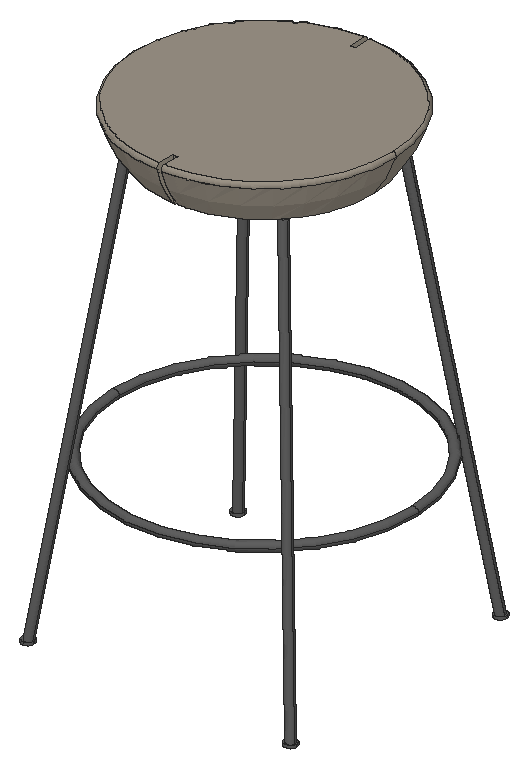
Revit family "Stool", category Furniture, Revit 2021
Family settings
  OmniClass Number = 23.40.20.00
  OmniClass Title = General Furniture and Specialties
  Work Plane-Based = No
  Always vertical = Yes
  Cut with Voids When Loaded = No
  Shared = No
  Room Calculation Point = No
Parameters (values of type "27"")
  Top = Old Wood
  Toe kick radius = 0' - 8.55"
  Toe Kick Height = Height / 3  # 0' - 9"
  Stool width = Leg Width / 1.25  # 1' - 0"
  Legs = Iron Rough
  Leg Width = 1' - 3"
  Height = 2' - 3"
  Default Elevation = 0' - 0"
Reference planes (in)
  plane 1 "Center Front/Back": y = 0
  plane 2: z = 0
  plane 3 "Center Left/Right": x = 0
  plane 4: x = -7.5
  plane 5: x = 7.5
  plane 6: y = 7.5
  plane 7: y = -7.5
  plane 8 "TO bars": z = 24.5
  plane 9 "TO stool": z = 27
Forms (in)
  Blend 1, solid, material "Iron Rough" <- "Legs"
    base sketch origin (0, -4.5, 0) x (1, 0, 0) y (0, 1, 0)
      loop
        circle (-7.5, 12) r 0.25
    top sketch origin (0, -4.5, 0) x (1, 0, 0) y (0, 1, 0)
      loop
        circle (-4.51432, 8.78754) r 0.25
    from 0 to 24.5
  Revolve 2, solid, material "Iron Rough" <- "Legs"
    sketch origin (0, 0, 2.21225) x (1, 0, 0) y (0, 0, 1)
      loop
        circle (-8.55, 6.78775) r 0.25
      axis (0, 6.78775) -> (0, 6.74838)
    angle from 0 to 360
  Extrusion 3, solid, material "Old Wood" <- "Top"
    sketch origin (0, 0, 0) x (1, 0, 0) y (0, 1, 0)
      loop
        circle (0, 0) r 6
    from 24.5 to 27
  Sweep 4, solid, material "Old Wood" <- "Top"
    path in 3D
      loop
        arc (-6, 0, 27) -> (0, 6, 27) -> (6, 0, 27) r 6
        arc (6, 0, 27) -> (0, -6, 27) -> (-6, 0, 27) r 6
    profile origin (0, -6, 27) x (0, -1, 0) y (0, 0, 1)
      loop
        line (0, 0) -> (0, -2.5) -> (0.31006, -2.5)
        arc (0.31006, -2.5) -> (1.00828, -1.45554) -> (1.48374, -0.29263) r 6.25615
        arc (1.48374, -0.29263) -> (1.47091, -0.12048) -> (1.34728, 0) r 0.24376
        line (1.34728, 0) -> (0, 0)
  Blend 5, solid, material "Iron Rough" <- "Legs"
    base sketch origin (0, -4.75, 0) x (-1, 0, 0) y (0, -1, 0)
      loop
        circle (-7.5, -12.25) r 0.25
    top sketch origin (0, -4.75, 0) x (-1, 0, 0) y (0, -1, 0)
      loop
        circle (-4.51432, -9.03754) r 0.25
    from 0 to 24.5
  Blend 6, solid, material "Iron Rough" <- "Legs"
    base sketch origin (0, 4.75, 0) x (1, 0, 0) y (0, 1, 0)
      loop
        circle (-7.5, -12.25) r 0.25
    top sketch origin (0, 4.75, 0) x (1, 0, 0) y (0, 1, 0)
      loop
        circle (-4.51432, -9.03754) r 0.25
    from 0 to 24.5
  Blend 7, solid, material "Iron Rough" <- "Legs"
    base sketch origin (0, 4.75, 0) x (-1, 0, 0) y (0, -1, 0)
      loop
        circle (-7.5, 12.25) r 0.25
    top sketch origin (0, 4.75, 0) x (-1, 0, 0) y (0, -1, 0)
      loop
        circle (-4.51432, 9.03754) r 0.25
    from 0 to 24.5
  Extrusion 8, solid, material "Iron Rough" <- "Legs"
    sketch origin (0, 0, 0) x (1, 0, 0) y (0, 1, 0)
      loop
        circle (-7.5, 7.5) r 0.35155
    from 0 to 0.125
  Extrusion 9, solid, material "Iron Rough" <- "Legs"
    sketch origin (0, 0, 0) x (-1, 0, 0) y (0, -1, 0)
      loop
        circle (-7.5, -7.5) r 0.35155
    from 0 to 0.125
  Extrusion 10, solid, material "Iron Rough" <- "Legs"
    sketch origin (0, 0, 0) x (1, 0, 0) y (0, 1, 0)
      loop
        circle (-7.5, -7.5) r 0.35155
    from 0 to 0.125
  Extrusion 11, solid, material "Iron Rough" <- "Legs"
    sketch origin (0, 0, 0) x (-1, 0, 0) y (0, -1, 0)
      loop
        circle (-7.5, 7.5) r 0.35155
    from 0 to 0.125
  Extrusion 12, void
    sketch origin (0.17188, 0, 27) x (0, 1, 0) y (1, 0, 0)
      loop
        line (-6.36288, -0.29487) -> (-6.36288, -0.04487) -> (-7.69813, -0.04487) -> (-7.69813, -0.29487) -> (-6.36288, -0.29487)
    from 0 to 2.5
  Extrusion 13, void
    sketch origin (0.17188, 0, 27) x (0, 1, 0) y (1, 0, 0)
      loop
        line (6.36288, -0.29487) -> (7.69813, -0.29487) -> (7.69813, -0.04487) -> (6.36288, -0.04487) -> (6.36288, -0.29487)
    from 0 to 2.5
Cuts and joins
  joined: Blend 1, Blend 5, Blend 6, Blend 7, Extrusion 8, Extrusion 9, Extrusion 11
  Extrusion 12, Extrusion 13 cuts Extrusion 3
  Extrusion 12, Extrusion 13 cuts Sweep 4
  joined: Extrusion 3, Sweep 4
Lines and regions (in)
  sketch lines
    curve 1: arc (6, 0, 27) -> (0, -6, 27) -> (-6, 0, 27) r 6
    curve 2: arc (-6, 0, 27) -> (0, 6, 27) -> (6, 0, 27) r 6
Dimensions and locks (in)
  equal spacing: plane 6, plane 1 "Center Front/Back", plane 7
  "Leg Width": plane 6 to plane 7
  equal spacing: plane 4, plane 3 "Center Left/Right", plane 5
  "Leg Width": plane 4 to plane 5
  "Height": plane 9 "TO stool" to level
  locked: plane 9 "TO stool" to plane 8 "TO bars" at 2.5
  "Toe Kick Height": Revolve 2 sketch curve to level
  "Toe kick radius": Revolve 2 sketch curve to plane 3 "Center Left/Right"
  aligned and locked: level to plane 2
  aligned and locked: plane 6 to Blend 1
  aligned and locked: plane 8 "TO bars" to Blend 1
  aligned and locked: plane 9 "TO stool" to Extrusion 3
  aligned and locked: Extrusion 3 to plane 8 "TO bars"
  aligned and locked: plane 8 "TO bars" to cut or joined group of Blend 1, Blend 5, Blend 6, Blend 7, Extrusion 8, Extrusion 9, Extrusion 11  (x3)
Automatic sketch dimensions
  Blend 1 sketch curve to plane 4 = 0' - 0"
  Blend 1 sketch curve to plane 6 = 0' - 0"
  plane 4 to Blend 1 sketch curve = 0' - 2.98568"
  Blend 1 sketch curve to plane 6 = 0' - 3.21246"
  plane 1 "Center Front/Back" to Extrusion 3 sketch curve = 0' - 0"
  Extrusion 3 sketch curve to plane 3 "Center Left/Right" = 0' - 0"
  Blend 5 sketch curve to plane 5 = 0' - 0"
  Blend 5 sketch curve to plane 6 = 0' - 0"
  Blend 5 sketch curve to plane 5 = 0' - 2.98568"
  plane 6 to Blend 5 sketch curve = 0' - 3.21246"
  Blend 6 sketch curve to plane 4 = 0' - 0"
  plane 7 to Blend 6 sketch curve = 0' - 0"
  Blend 6 sketch curve to plane 4 = 0' - 2.98568"
  plane 7 to Blend 6 sketch curve = 0' - 3.21246"
  Blend 7 sketch curve to plane 5 = 0' - 0"
  plane 7 to Blend 7 sketch curve = 0' - 0"
  plane 5 to Blend 7 sketch curve = 0' - 2.98568"
  Blend 7 sketch curve to plane 7 = 0' - 3.21246"
  Extrusion 8 sketch curve to plane 4 = 0' - 0"
  Extrusion 8 sketch curve to plane 6 = 0' - 0"
  Extrusion 9 sketch curve to plane 5 = 0' - 0"
  Extrusion 9 sketch curve to plane 6 = 0' - 0"
  Extrusion 10 sketch curve to plane 4 = 0' - 0"
  plane 7 to Extrusion 10 sketch curve = 0' - 0"
  Extrusion 11 sketch curve to plane 5 = 0' - 0"
  plane 7 to Extrusion 11 sketch curve = 0' - 0"
  Sweep 4 sketch curve to profile plane = 0' - 0"  (x2)
  profile plane to Sweep 4 sketch curve = 0' - 1.48154"
  profile plane to Sweep 4 sketch curve = 0' - 4.51556"
  Sweep 4 sketch curve to profile plane = 0' - 0.31006"
  Sweep 4 sketch curve to profile plane = 0' - 0.2235"
  Sweep 4 sketch curve to profile plane = 0' - 1 1/4"
  Sweep 4 sketch curve to Sweep 4 sketch curve = 0' - 0.0973"
  Sweep 4 sketch curve to Sweep 4 sketch curve = 0' - 2.2765"
  Extrusion 12 sketch curve to Extrusion 12 sketch curve = 0' - 1.33525"
  Extrusion 12 sketch curve to Extrusion 12 sketch curve = 0' - 0 1/4"
  Extrusion 13 sketch curve to Extrusion 13 sketch curve = 0' - 1.33525"
  Extrusion 13 sketch curve to Extrusion 13 sketch curve = 0' - 0 1/4"
  Revolve 2 sketch curve to plane 3 "Center Left/Right" = 0' - 0"
  Revolve 2 sketch curve to level = 0' - 0.78775"
  Revolve 2 sketch curve to Revolve 2 sketch curve = 0' - 3.10544"
  radius of Blend 1 sketch curve = 0' - 0 1/4"  (x2)
  radius of Extrusion 3 sketch curve = 0' - 6"
  radius of Blend 5 sketch curve = 0' - 0 1/4"  (x2)
  radius of Blend 6 sketch curve = 0' - 0 1/4"  (x2)
  radius of Blend 7 sketch curve = 0' - 0 1/4"  (x2)
  radius of Extrusion 8 sketch curve = 0' - 0 45/128"
  radius of Extrusion 9 sketch curve = 0' - 0 45/128"
  radius of Extrusion 10 sketch curve = 0' - 0 45/128"
  radius of Extrusion 11 sketch curve = 0' - 0 45/128"
  radius of Revolve 2 sketch curve = 0' - 0 1/4"
